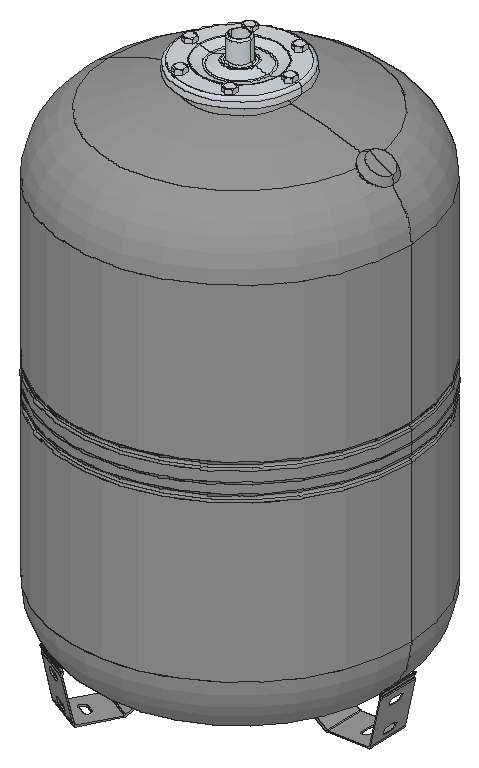
Revit family "WRV 80", category Оборудование, Revit 2014
Parameters
  Описание = "Мембранный бак для отопления V=80л, Py=5бар, 3/4\""
  Материал крышки = Черная резина
  Материал = Красная краска
  Масса кг = "11.15"
  Крышка [instance] = yes
  Комментарии к типоразмеру = "WRV 80"
  Изготовитель = "WESTER"  # constant formula
  URL = "http://www.wester.su/"
Reference planes
  plane 1 "По центру (Вперед/Назад)": y = 0
  plane 2: z = 0
  plane 3 "По центру (Влево/Вправо)": x = 0
Forms (mm)
  Revolve 1, solid, material "Красная краска" <- "Материал"
    sketch origin (-161.5, 0, 330.588) x (0, 0, -1) y (1, 0, 0)
      loop
        line (216.97, 366.499) -> (24.806, 366.499)
        arc (24.806, 366.499) -> (23.323, 366.101) -> (22.238, 365.016) r 2.965
        arc (22.238, 365.016) -> (20.077, 363.768) -> (17.916, 365.016) r 2.495
        arc (17.916, 365.016) -> (16.817, 366.102) -> (15.324, 366.499) r 3.007
        line (15.324, 366.499) -> (5.203, 366.499)
        arc (5.203, 366.499) -> (4.136, 366.833) -> (3.07, 366.499) r 1.869
        line (3.07, 366.499) -> (-9.184, 366.499)
        arc (-9.184, 366.499) -> (-10.677, 366.102) -> (-11.776, 365.016) r 3.007
        arc (-11.776, 365.016) -> (-13.937, 363.768) -> (-16.098, 365.016) r 2.495
        arc (-16.098, 365.016) -> (-17.183, 366.101) -> (-18.666, 366.499) r 2.965
        line (-18.666, 366.499) -> (-208.015, 366.499)
        arc (-208.015, 366.499) -> (-252.171, 353.216) -> (-281.672, 317.778) r 80.037
        arc (-281.672, 317.778) -> (-298.256, 270.802) -> (-308.842, 222.123) r 397.979
        line (-308.842, 222.123) -> (-321.955, 209.009) -> (-321.955, 161.5) -> (322.374, 161.5)
        arc (322.374, 161.5) -> (314.45, 241.319) -> (290.582, 317.897) r 395.451
        arc (290.582, 317.897) -> (261.075, 353.252) -> (216.97, 366.499) r 80.048
      axis (-321.955, 161.5) -> (322.374, 161.5)
    angle from 0 to 360
  Revolve 2, solid
    sketch origin (0, 0, 385.484) x (1, 0, 0) y (0, 0, 1)
      loop
        line (0, 267.059) -> (69.996, 267.059) -> (69.996, 268.559) -> (73.753, 268.559) -> (73.151, 275.443)
        arc (73.151, 275.443) -> (71.956, 278.131) -> (69.36, 279.516) r 4.524
        line (69.36, 279.516) -> (48.486, 279.516)
        arc (48.486, 279.516) -> (47.948, 279.469) -> (47.425, 279.329) r 3.112
        line (47.425, 279.329) -> (35.297, 275.272)
        arc (35.297, 275.272) -> (34.006, 275.061) -> (32.715, 275.272) r 4.069
        line (32.715, 275.272) -> (19.199, 279.345)
        arc (19.199, 279.345) -> (18.587, 279.478) -> (17.962, 279.515) r 4.016
        line (17.962, 279.515) -> (14.547, 279.516)
        arc (14.547, 279.516) -> (14.224, 280.76) -> (13.218, 281.561) r 2.03
        line (13.218, 281.561) -> (13.218, 305.531) -> (11.195, 307.555) -> (10.385, 307.555) -> (10.385, 279.516) -> (0, 279.516) -> (0, 267.059)
      axis (0, 307.555) -> (0, 267.059)
    angle from 0 to 360
  Revolve 3, solid
    sketch origin (-166.046, 0, 33.497) x (0.866025, 0, -0.5) y (0.5, 0, 0.866025)
      loop
        line (-3.985, 668.015) -> (-3.985, 656.503) -> (-5.516, 656.503) -> (-5.516, 652.003) -> (0, 652.003) -> (0, 665.157) -> (-1.586, 665.157) -> (-2.15, 665.72) -> (-2.15, 669.003) -> (-2.997, 669.003) -> (-3.985, 668.015)
      axis (0, 669.003) -> (0, 652.003)
    angle from 0 to 360
  Revolve 4, solid, material "Черная резина" <- "Материал крышки", visible <- "Крышка"
    sketch origin (-166.046, 0, 33.497) x (0.866025, 0, -0.5) y (0.5, 0, 0.866025)
      loop
        line (0, 652.003) -> (0, 670.119) -> (-16.18, 670.119) -> (-21.758, 662.442) -> (-7.391, 652.003) -> (0, 652.003)
      axis (0, 670.119) -> (0, 652.003)
    angle from 0 to 360
  Revolve 5, void
    sketch origin (422.486, 0, 564.963) x (-0.5, 0, 0.866025) y (-0.866025, 0, -0.5)
      loop
        line (153.678, 207.113) -> (148.215, 195.158)
        arc (148.215, 195.158) -> (145.705, 191.394) -> (142.142, 188.607) r 14.244
        line (142.142, 188.607) -> (142.808, 186.83) -> (166.07, 200.26) -> (160.004, 210.765) -> (153.678, 207.113)
      axis (166.07, 200.26) -> (160.004, 210.765)
    angle from 0 to 360
  Extrusion 6, solid, material "Красная краска" <- "Материал"
    sketch origin (0, 0, 0) x (1, 0, 0) y (0, 0, 1)
      loop
        line (187.99, 63.674) -> (187.237, 60.186)
        arc (187.237, 60.186) -> (187.176, 59.194) -> (187.477, 58.247) r 2.71
        arc (187.477, 58.247) -> (187.639, 57.749) -> (187.62, 57.225) r 1.494
        line (187.62, 57.225) -> (175.944, 3.172)
        arc (175.944, 3.172) -> (175.07, 1.755) -> (173.5, 1.2) r 2.5
        line (173.5, 1.2) -> (125.187, 1.2)
        arc (125.187, 1.2) -> (124.427, 1.318) -> (123.74, 1.661) r 2.5
        line (123.74, 1.661) -> (104.467, 15.34)
        arc (104.467, 15.34) -> (104.103, 15.706) -> (103.884, 16.173) r 1.514
        arc (103.884, 16.173) -> (103.507, 17.039) -> (102.848, 17.715) r 2.62
        line (102.848, 17.715) -> (100.019, 19.723)
        arc (100.019, 19.723) -> (98.709, 20.21) -> (97.331, 19.976) r 2.7
        line (97.331, 19.976) -> (96.439, 19.566) -> (96.939, 18.476) -> (97.831, 18.885)
        arc (97.831, 18.885) -> (98.597, 19.015) -> (99.325, 18.745) r 1.5
        line (99.325, 18.745) -> (102.289, 16.64)
        arc (102.289, 16.64) -> (102.594, 16.312) -> (102.742, 15.889) r 1.097
        arc (102.742, 15.889) -> (103.118, 15.031) -> (103.773, 14.361) r 2.614
        line (103.773, 14.361) -> (123.045, 0.683)
        arc (123.045, 0.683) -> (124.063, 0.175) -> (125.187, 0) r 3.7
        line (125.187, 0) -> (173.5, 0)
        arc (173.5, 0) -> (175.824, 0.821) -> (177.117, 2.919) r 3.7
        line (177.117, 2.919) -> (188.793, 56.972)
        arc (188.793, 56.972) -> (188.827, 57.908) -> (188.536, 58.799) r 2.673
        arc (188.536, 58.799) -> (188.364, 59.355) -> (188.41, 59.935) r 1.536
        line (188.41, 59.935) -> (189.163, 63.421)
        arc (189.163, 63.421) -> (189.396, 63.958) -> (189.816, 64.365) r 1.5
        line (189.816, 64.365) -> (190.659, 64.908) -> (190.009, 65.917) -> (189.166, 65.373)
        arc (189.166, 65.373) -> (188.409, 64.641) -> (187.99, 63.674) r 2.7
    from -24.996 to 25.004
  Extrusion 7, void
    sketch origin (0, 0, 0) x (0, 1, 0) y (0, 0, 1)
      loop
        arc (-5.504, 50.106) -> (-10.029, 45.58) -> (-5.504, 41.055) r 4.525
        line (-5.504, 41.055) -> (5.496, 41.055)
        arc (5.496, 41.055) -> (10.021, 45.58) -> (5.496, 50.106) r 4.525
        line (5.496, 50.106) -> (-5.504, 50.106)
      loop
        arc (-5.504, 16.661) -> (-10.029, 12.136) -> (-5.504, 7.611) r 4.525
        line (-5.504, 7.611) -> (5.496, 7.611)
        arc (5.496, 7.611) -> (10.021, 12.136) -> (5.496, 16.661) r 4.525
        line (5.496, 16.661) -> (-5.504, 16.661)
    from 174.482 to 199.7
  Extrusion 8, void
    sketch origin (0, 0, 0) x (1, 0, 0) y (0, 1, 0)
      loop
        line (150.5, 5.496) -> (150.5, -5.504)
        arc (150.5, -5.504) -> (155, -10.004) -> (159.5, -5.504) r 4.5
        line (159.5, -5.504) -> (159.5, 5.496)
        arc (159.5, 5.496) -> (155, 9.996) -> (150.5, 5.496) r 4.5
    from 0 to 11.93
  Extrusion 9, solid, material "Красная краска" <- "Материал"
    sketch origin (-0.003, -0.006, 0) x (-0.5, 0.866025, 0) y (0, 0, 1)
      loop
        line (187.99, 63.674) -> (187.237, 60.186)
        arc (187.237, 60.186) -> (187.176, 59.194) -> (187.477, 58.247) r 2.71
        arc (187.477, 58.247) -> (187.639, 57.749) -> (187.62, 57.225) r 1.494
        line (187.62, 57.225) -> (175.944, 3.172)
        arc (175.944, 3.172) -> (175.07, 1.755) -> (173.5, 1.2) r 2.5
        line (173.5, 1.2) -> (125.187, 1.2)
        arc (125.187, 1.2) -> (124.427, 1.318) -> (123.74, 1.661) r 2.5
        line (123.74, 1.661) -> (104.467, 15.34)
        arc (104.467, 15.34) -> (104.103, 15.706) -> (103.884, 16.173) r 1.514
        arc (103.884, 16.173) -> (103.507, 17.039) -> (102.848, 17.715) r 2.62
        line (102.848, 17.715) -> (100.019, 19.723)
        arc (100.019, 19.723) -> (98.709, 20.21) -> (97.331, 19.976) r 2.7
        line (97.331, 19.976) -> (96.439, 19.566) -> (96.939, 18.476) -> (97.831, 18.885)
        arc (97.831, 18.885) -> (98.597, 19.015) -> (99.325, 18.745) r 1.5
        line (99.325, 18.745) -> (102.289, 16.64)
        arc (102.289, 16.64) -> (102.594, 16.312) -> (102.742, 15.889) r 1.097
        arc (102.742, 15.889) -> (103.118, 15.031) -> (103.773, 14.361) r 2.614
        line (103.773, 14.361) -> (123.045, 0.683)
        arc (123.045, 0.683) -> (124.063, 0.175) -> (125.187, 0) r 3.7
        line (125.187, 0) -> (173.5, 0)
        arc (173.5, 0) -> (175.824, 0.821) -> (177.117, 2.919) r 3.7
        line (177.117, 2.919) -> (188.793, 56.972)
        arc (188.793, 56.972) -> (188.827, 57.908) -> (188.536, 58.799) r 2.673
        arc (188.536, 58.799) -> (188.364, 59.355) -> (188.41, 59.935) r 1.536
        line (188.41, 59.935) -> (189.163, 63.421)
        arc (189.163, 63.421) -> (189.396, 63.958) -> (189.816, 64.365) r 1.5
        line (189.816, 64.365) -> (190.659, 64.908) -> (190.009, 65.917) -> (189.166, 65.373)
        arc (189.166, 65.373) -> (188.409, 64.641) -> (187.99, 63.674) r 2.7
    from -24.996 to 25.004
  Extrusion 10, solid, material "Красная краска" <- "Материал"
    sketch origin (0.003, -0.006, 0) x (-0.5, -0.866025, 0) y (0, 0, 1)
      loop
        line (187.99, 63.674) -> (187.237, 60.186)
        arc (187.237, 60.186) -> (187.176, 59.194) -> (187.477, 58.247) r 2.71
        arc (187.477, 58.247) -> (187.639, 57.749) -> (187.62, 57.225) r 1.494
        line (187.62, 57.225) -> (175.944, 3.172)
        arc (175.944, 3.172) -> (175.07, 1.755) -> (173.5, 1.2) r 2.5
        line (173.5, 1.2) -> (125.187, 1.2)
        arc (125.187, 1.2) -> (124.427, 1.318) -> (123.74, 1.661) r 2.5
        line (123.74, 1.661) -> (104.467, 15.34)
        arc (104.467, 15.34) -> (104.103, 15.706) -> (103.884, 16.173) r 1.514
        arc (103.884, 16.173) -> (103.507, 17.039) -> (102.848, 17.715) r 2.62
        line (102.848, 17.715) -> (100.019, 19.723)
        arc (100.019, 19.723) -> (98.709, 20.21) -> (97.331, 19.976) r 2.7
        line (97.331, 19.976) -> (96.439, 19.566) -> (96.939, 18.476) -> (97.831, 18.885)
        arc (97.831, 18.885) -> (98.597, 19.015) -> (99.325, 18.745) r 1.5
        line (99.325, 18.745) -> (102.289, 16.64)
        arc (102.289, 16.64) -> (102.594, 16.312) -> (102.742, 15.889) r 1.097
        arc (102.742, 15.889) -> (103.118, 15.031) -> (103.773, 14.361) r 2.614
        line (103.773, 14.361) -> (123.045, 0.683)
        arc (123.045, 0.683) -> (124.063, 0.175) -> (125.187, 0) r 3.7
        line (125.187, 0) -> (173.5, 0)
        arc (173.5, 0) -> (175.824, 0.821) -> (177.117, 2.919) r 3.7
        line (177.117, 2.919) -> (188.793, 56.972)
        arc (188.793, 56.972) -> (188.827, 57.908) -> (188.536, 58.799) r 2.673
        arc (188.536, 58.799) -> (188.364, 59.355) -> (188.41, 59.935) r 1.536
        line (188.41, 59.935) -> (189.163, 63.421)
        arc (189.163, 63.421) -> (189.396, 63.958) -> (189.816, 64.365) r 1.5
        line (189.816, 64.365) -> (190.659, 64.908) -> (190.009, 65.917) -> (189.166, 65.373)
        arc (189.166, 65.373) -> (188.409, 64.641) -> (187.99, 63.674) r 2.7
    from -24.996 to 25.004
  Extrusion 11, void
    sketch origin (-0.003, -0.006, 0) x (-0.866025, -0.5, 0) y (0, 0, 1)
      loop
        arc (-5.504, 50.106) -> (-10.029, 45.58) -> (-5.504, 41.055) r 4.525
        line (-5.504, 41.055) -> (5.496, 41.055)
        arc (5.496, 41.055) -> (10.021, 45.58) -> (5.496, 50.106) r 4.525
        line (5.496, 50.106) -> (-5.504, 50.106)
      loop
        arc (-5.504, 16.661) -> (-10.029, 12.136) -> (-5.504, 7.611) r 4.525
        line (-5.504, 7.611) -> (5.496, 7.611)
        arc (5.496, 7.611) -> (10.021, 12.136) -> (5.496, 16.661) r 4.525
        line (5.496, 16.661) -> (-5.504, 16.661)
    from 174.482 to 199.7
  Extrusion 12, void
    sketch origin (-0.003, -0.006, 0) x (-0.5, 0.866025, 0) y (-0.866025, -0.5, 0)
      loop
        line (150.5, 5.496) -> (150.5, -5.504)
        arc (150.5, -5.504) -> (155, -10.004) -> (159.5, -5.504) r 4.5
        line (159.5, -5.504) -> (159.5, 5.496)
        arc (159.5, 5.496) -> (155, 9.996) -> (150.5, 5.496) r 4.5
    from 0 to 11.93
  Extrusion 13, void
    sketch origin (0.003, -0.006, 0) x (0.866025, -0.5, 0) y (0, 0, 1)
      loop
        arc (-5.504, 50.106) -> (-10.029, 45.58) -> (-5.504, 41.055) r 4.525
        line (-5.504, 41.055) -> (5.496, 41.055)
        arc (5.496, 41.055) -> (10.021, 45.58) -> (5.496, 50.106) r 4.525
        line (5.496, 50.106) -> (-5.504, 50.106)
      loop
        arc (-5.504, 16.661) -> (-10.029, 12.136) -> (-5.504, 7.611) r 4.525
        line (-5.504, 7.611) -> (5.496, 7.611)
        arc (5.496, 7.611) -> (10.021, 12.136) -> (5.496, 16.661) r 4.525
        line (5.496, 16.661) -> (-5.504, 16.661)
    from 174.482 to 199.7
  Extrusion 14, void
    sketch origin (0.003, -0.006, 0) x (-0.5, -0.866025, 0) y (0.866025, -0.5, 0)
      loop
        line (150.5, 5.496) -> (150.5, -5.504)
        arc (150.5, -5.504) -> (155, -10.004) -> (159.5, -5.504) r 4.5
        line (159.5, -5.504) -> (159.5, 5.496)
        arc (159.5, 5.496) -> (155, 9.996) -> (150.5, 5.496) r 4.5
    from 0 to 11.93
Cuts and joins
  Revolve 5 cuts Revolve 1
  Extrusion 7, Extrusion 8, Extrusion 11 cuts Extrusion 6
  Extrusion 11, Extrusion 12, Extrusion 13 cuts Extrusion 9
  Extrusion 13, Extrusion 14 cuts Extrusion 10
Dimensions and locks
  aligned and locked: level to plane 2
Nested families
  nested 1: "Болт" at (30, -51.954, 665) x (0, 1, 0) z (0, 0, 1), type "Болт"
  nested 2: "Болт" at (59.993, 0, 665) x (0, 1, 0) z (0, 0, 1), type "Болт"
  nested 3: "Болт" at (29.993, 51.958, 665) x (0, 1, 0) z (0, 0, 1), type "Болт"
  nested 4: "Болт" at (-60, 0, 665) x (0, 1, 0) z (0, 0, 1), type "Болт"
  nested 5: "Болт" at (-30, 51.958, 665) x (0, 1, 0) z (0, 0, 1), type "Болт"
  nested 6: "Болт" at (-29.987, -51.954, 665) x (0, 1, 0) z (0, 0, 1), type "Болт"
Connectors
  piping at (0, 0, 693.039), diameter 20
    settings: on Revolve 2, index 1, connector inside diameter 609.6 mm, connector length 0 mm, flow factor 0, pipe flow 0.0 L/s, pressure drop 0.0 Pa, fitting loss kfactor 0, connector angle 0.00°, fixture units 0, engagement length 0 mm, angle of deflection 0.00°, flow configuration 1, flow direction 0, fitting loss method 0, system type 29, joint type 0, gender type 0, connector reference index -1, connector utility 0, adjustable connector no, is connector primary yes, connector description ""
Definition of nested family "Болт"
  Parameters (values of type "Болт")
    Default Elevation = 1219.2 mm
  Reference planes
    plane 1 "По центру (Вперед/Назад)": y = 0
    plane 2: z = 0
    plane 3 "По центру (Влево/Вправо)": x = 0
  Forms (mm)
    Extrusion 1, solid
      sketch origin (0, 0, 0) x (1, 0, 0) y (0, 1, 0)
        loop
          line (-1219.2, 1219.2) -> (-1219.2, -1219.2) -> (1219.2, -1219.2) -> (1219.2, 1219.2) -> (-1219.2, 1219.2)
      from 0 to -304.8
    Extrusion 2, solid, detail levels medium+fine
      sketch origin (0, 0, 0) x (0, 1, 0) y (-1, 0, 0)
        loop
          line (-6.5, -3.753) -> (0, -7.506) -> (6.5, -3.753) -> (6.5, 3.753) -> (0, 7.506) -> (-6.5, 3.753) -> (-6.5, -3.753)
      from 0 to 5.3
    Extrusion 3, solid, detail levels medium+fine
      sketch origin (0, 0, 0) x (1, 0, 0) y (0, 1, 0)
        loop
          circle (0, 0) r 4
      from -14 to 0
    Revolve 4, void
      sketch origin (0, 0, 0) x (1, 0, 0) y (0, 0, 1)
        loop
          line (-7.506, 4.447) -> (-6.413, 5.3) -> (-7.506, 5.3) -> (-7.506, 4.447)
        axis (0, 5.3) -> (0, 4.3)
      angle from 0 to 360
    Revolve 5, void
      sketch origin (0, 0, 0) x (1, 0, 0) y (0, 0, 1)
        loop
          line (-4, -14) -> (-2.365, -14) -> (-4, -12.365) -> (-4, -14)
        axis (0, -12.365) -> (0, -14)
      angle from 0 to 360
  Cuts and joins
    Revolve 4 cuts Extrusion 2
    Revolve 5 cuts Extrusion 3
    joined: Extrusion 2, Extrusion 3
  Dimensions and locks
    aligned and locked: plane 2 to Extrusion 1
    aligned and locked: level to Extrusion 1
    aligned and locked: Revolve 4 sketch curve to plane 3 "По центру (Влево/Вправо)"
    aligned and locked: cut or joined group of Extrusion 2, Extrusion 3, Revolve 4, Revolve 5 to Revolve 4 sketch curve
